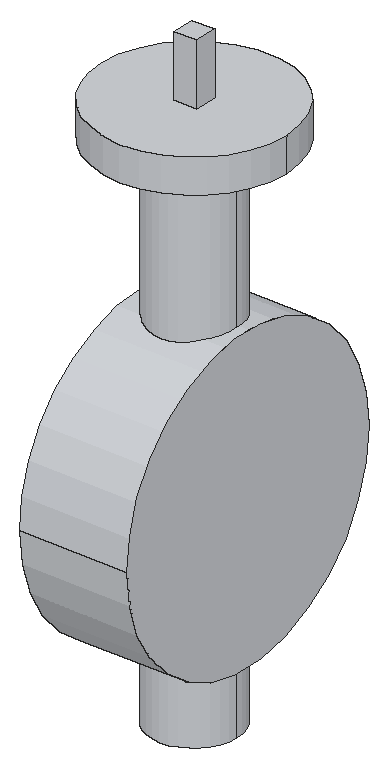
Revit family "HS497-67_disk-litina-volné vřeteno DN100-RFA_2018", category Pipe Accessories, Revit 2018
Family settings
  Round Connector Dimension = Use Diameter
  Part Type = Valve - Breaks Into
  Work Plane-Based = No
  Always vertical = Yes
  Cut with Voids When Loaded = No
  Shared = No
Parameters (values of type "HS 497-67_DN100_PN16_volné vřeteno")
  magiProductId = "65d1b245f4f142c78569c0602d5754"
  magiProductFamilyId = "53cea81e6f374d17b8841d9c72ad77"
  magiPartTypeId = 305
  isMeasuringValve [instance] = no
  ang2D [instance] = 0.00°
  X11 = 61.456 mm
  X1 = 25.456 mm
  W2D = 1000 mm
  VersionID = "2.0/2017.9.26.1/ZETKAMA_497_001"
  Use Minimum Symbol Size [instance] = yes
  URL = "http://www.hydronic.cz"
  Type Comments = "mezipřírubová; litinový disk; PN16; -10~+110°C (krátkodobě +120°C)"
  SW30 = no
  SW3 = no
  SW21 = no
  SW20 = no
  SW2 = no
  SW1 = yes
  R = 50 mm
  QmdConnectorList = "301;D;302;D"
  Productdata [instance] = ""
  NC = 50 mm
  Model = ""
  Manufacturer = "Hydronic Systems Prague s.r.o."
  MM20 = 25.456 mm
  MC Product Code = "123 100 (litinový disk, s volným vřetenem; DN100; PN16, kvs512)"
  M41 = 66 mm
  M4 = 44 mm
  LHL = 220 mm
  LHH3 = 2.45 mm
  LHH1 = 46.55 mm
  LH1 = 73.333 mm
  L4R__ve = -L4R  # -12.8 mm
  L4R = 12.8 mm
  L42__ve = -L42  # -96 mm
  L42 = 96 mm
  L41__ve = -L41  # -19.2 mm
  L41 = 19.2 mm
  L2D_Min = 3048 mm
  L2D = 216 mm
  L2 = 26 mm
  L1 = 41.6 mm
  L = 52 mm
  H = 30 mm
  G22 = 11.25 mm
  G2 = 22.5 mm
  G1 = 90 mm
  G = 90 mm
  F = 11 mm
  E44 = 31.25 mm
  E42 = 62.5 mm
  E4 = 125 mm
  E23 = 4.9 mm
  E22 = 19.6 mm
  E21 = 9.8 mm
  Description = "Mezipřírubová uzavírací klapka s volným vřetenem; litinový disk, DN100; PN16; kvs512"
  DR2 = 50 mm
  DR = 147 mm
  DD1 = 15.625 mm
  DD = 12.5 mm
  D = 100 mm
  CAT0 = yes
  B2__ve = -B2  # -56 mm
  B2 = 56 mm
  A2 = 16.5 mm
  A1 = 98.5 mm
Types (43, lengths in mm): name | magiProductId | X11 | X1 | Type Comments | SW30 | SW3 | SW20 | SW2 | SW1 | R | NC | MM20 | MC Product Code | M41 | M4 | LHL | LHH3 | LHH1 | LH1 | L4R__ve | L4R | L42__ve | L42 | L41__ve | L41 | L2 | L1 | L | H | G | F | E44 | E42 | E4 | E23 | E22 | E21 | Description | DR2 | DR | DD1 | DD | D | B2__ve | B2 | A2 | A1
  HS 497-67_DN100_PN16_volné vřeteno | "65d1b245f4f142c78569c0602d5754" | 61.456 | 25.456 | "mezipřírubová; litinový disk; PN16; -10~+110°C (krátkodobě +120°C)" | no | no | no | no | yes | 50 | 50 | 25.456 | "123 100 (litinový disk, s volným vřetenem; DN100; PN16, kvs512)" | 66 | 44 | 220 | 2.45 | 46.55 | 73.333 | -12.8 | 12.8 | -96 | 96 | -19.2 | 19.2 | 26 | 41.6 | 52 | 30 | 90 | 11 | 31.25 | 62.5 | 125 | 4.9 | 19.6 | 9.8 | "Mezipřírubová uzavírací klapka s volným vřetenem; litinový disk, DN100; PN16; kvs512" | 50 | 147 | 15.625 | 12.5 | 100 | -56 | 56 | 16.5 | 98.5
  HS 497-67_DN100_PN16_převodové kolo | "11e91b807e674d428c8e796fcdcfe2" | 61.456 | 25.456 | "mezipřírubová; litinový disk; PN16; -10~+110°C (krátkodobě +120°C)" | yes | yes | no | no | no | 50 | 50 | 25.456 | "125 100 (litinový disk, s převodovým kolem; DN100; PN16, kvs512)" | 65.25 | 43.5 | 220 | 2.45 | 46.55 | 73.333 | -12.8 | 12.8 | -96 | 96 | -19.2 | 19.2 | 26 | 41.6 | 52 | 30 | 90 | 11 | 31.25 | 62.5 | 125 | 4.9 | 19.6 | 9.8 | "Mezipřírubová uzavírací klapka s převodovým kolem; litinový disk, DN100; PN16; kvs512" | 50 | 147 | 15.625 | 12.5 | 100 | -56 | 56 | 16.5 | 98.5
  HS 497-67_DN100_PN16_s pákou | "28172f0b3f4b47b28323ac71cf8749" | 61.456 | 25.456 | "mezipřírubová; litinový disk; PN16; -10~+110°C (krátkodobě +120°C)" | no | no | yes | yes | no | 50 | 50 | 25.456 | "120 100 (litinový disk, s pákou; DN100; PN16, kvs512)" | 66 | 44 | 260 | 3 | 57 | 86.667 | -12.8 | 12.8 | -96 | 96 | -19.2 | 19.2 | 26 | 41.6 | 52 | 30 | 90 | 11 | 31.25 | 62.5 | 125 | 6 | 24 | 12 | "Mezipřírubová uzavírací klapka s pákou; litinový disk, DN100; PN16; kvs512" | 50 | 147 | 15.625 | 12.5 | 100 | -56 | 56 | 16.5 | 98.5
  HS 497-67_DN125_PN16_volné vřeteno | "0d813d910fc14f628bb3c2efbd185c" | 61.456 | 25.456 | "mezipřírubová; litinový disk; PN16; -10~+110°C (krátkodobě +120°C)" | no | no | no | no | yes | 62.5 | 50 | 25.456 | "123 125 (litinový disk, s volným vřetenem; DN125; PN16, kvs872)" | 66 | 44 | 220 | 2.45 | 46.55 | 73.333 | -12.8 | 12.8 | -96 | 96 | -19.2 | 19.2 | 28 | 44.8 | 56 | 33 | 90 | 14 | 31.25 | 62.5 | 125 | 4.9 | 19.6 | 9.8 | "Mezipřírubová uzavírací klapka s volným vřetenem; litinový disk, DN125; PN16; kvs872" | 62.5 | 180 | 15.625 | 12.5 | 125 | -64 | 64 | 18 | 99.5
  HS 497-67_DN125_PN16_převodové kolo | "c56b7c13f372467684996fb1e0e229" | 61.456 | 25.456 | "mezipřírubová; litinový disk; PN16; -10~+110°C (krátkodobě +120°C)" | yes | yes | no | no | no | 62.5 | 50 | 25.456 | "125 125 (litinový disk, s převodovým kolem; DN125; PN16, kvs872)" | 65.25 | 43.5 | 220 | 2.45 | 46.55 | 73.333 | -13.5 | 13.5 | -101.25 | 101.25 | -20.25 | 20.25 | 28 | 44.8 | 56 | 33 | 90 | 14 | 40 | 80 | 160 | 4.9 | 19.6 | 9.8 | "Mezipřírubová uzavírací klapka s převodovým kolem; litinový disk, DN125; PN16; kvs872" | 62.5 | 180 | 20 | 16 | 125 | -64 | 64 | 18 | 99.5
  HS 497-67_DN125_PN16_s pákou | "105993c79a91492399feef7931321a" | 61.456 | 25.456 | "mezipřírubová; litinový disk; PN16; -10~+110°C (krátkodobě +120°C)" | no | no | yes | yes | no | 62.5 | 50 | 25.456 | "120 125 (litinový disk, s pákou; DN125; PN16, kvs872)" | 66 | 44 | 315 | 3.75 | 71.25 | 105 | -12.8 | 12.8 | -96 | 96 | -19.2 | 19.2 | 28 | 44.8 | 56 | 33 | 90 | 14 | 31.25 | 62.5 | 125 | 7.5 | 30 | 15 | "Mezipřírubová uzavírací klapka s pákou; litinový disk, DN125; PN16; kvs872" | 62.5 | 180 | 15.625 | 12.5 | 125 | -64 | 64 | 18 | 99.5
  HS 497-67_DN150_PN16_volné vřeteno | "50c80cb8ab434f55ab7796e5ac1331" | 61.456 | 25.456 | "mezipřírubová; litinový disk; PN16; -10~+110°C (krátkodobě +120°C)" | no | no | no | no | yes | 75 | 50 | 25.456 | "123 150 (litinový disk, s volným vřetenem; DN150; PN16, kvs1347)" | 66 | 44 | 220 | 2.45 | 46.55 | 73.333 | -12.8 | 12.8 | -96 | 96 | -19.2 | 19.2 | 28 | 44.8 | 56 | 33 | 90 | 14 | 31.25 | 62.5 | 125 | 4.9 | 19.6 | 9.8 | "Mezipřírubová uzavírací klapka s volným vřetenem; litinový disk, DN150; PN16; kvs1347" | 75 | 206 | 15.625 | 12.5 | 150 | -58 | 58 | 19.3 | 98.7
  HS 497-67_DN150_PN16_převodové kolo | "d94a1a0cf83b476eb10011b327f709" | 61.456 | 25.456 | "mezipřírubová; litinový disk; PN16; -10~+110°C (krátkodobě +120°C)" | yes | yes | no | no | no | 75 | 50 | 25.456 | "125 150 (litinový disk, s převodovým kolem; DN150; PN16, kvs1347)" | 65.25 | 43.5 | 220 | 2.45 | 46.55 | 73.333 | -13.5 | 13.5 | -101.25 | 101.25 | -20.25 | 20.25 | 28 | 44.8 | 56 | 33 | 90 | 14 | 40 | 80 | 160 | 4.9 | 19.6 | 9.8 | "Mezipřírubová uzavírací klapka s převodovým kolem; litinový disk, DN150; PN16; kvs1347" | 75 | 206 | 20 | 16 | 150 | -58 | 58 | 19.3 | 98.7
  HS 497-67_DN150_PN16_s pákou | "4d2835523fe84828bc50ff0a5a0dfb" | 61.456 | 25.456 | "mezipřírubová; litinový disk; PN16; -10~+110°C (krátkodobě +120°C)" | no | no | yes | yes | no | 75 | 50 | 25.456 | "120 150 (litinový disk, s pákou; DN150; PN16, kvs1347)" | 66 | 44 | 315 | 3.75 | 71.25 | 105 | -12.8 | 12.8 | -96 | 96 | -19.2 | 19.2 | 28 | 44.8 | 56 | 33 | 90 | 14 | 31.25 | 62.5 | 125 | 7.5 | 30 | 15 | "Mezipřírubová uzavírací klapka s pákou; litinový disk, DN150; PN16; kvs1347" | 75 | 206 | 15.625 | 12.5 | 150 | -58 | 58 | 19.3 | 98.7
  HS 497-67_DN200_PN16_volné vřeteno | "5b29029eaeba47139ee1055a4b9201" | 61.456 | 25.456 | "mezipřírubová; litinový disk; PN16; -10~+110°C (krátkodobě +120°C)" | no | no | no | no | yes | 100 | 50 | 25.456 | "123 200 (litinový disk, s volným vřetenem; DN200; PN16, kvs2675)" | 66 | 44 | 220 | 2.45 | 46.55 | 73.333 | -12.8 | 12.8 | -96 | 96 | -19.2 | 19.2 | 30 | 48 | 60 | 33 | 90 | 17 | 31.25 | 62.5 | 125 | 4.9 | 19.6 | 9.8 | "Mezipřírubová uzavírací klapka s volným vřetenem; litinový disk, DN200; PN16; kvs2675" | 100 | 257 | 15.625 | 12.5 | 200 | -70 | 70 | 22.5 | 102.5
  HS 497-67_DN200_PN16_převodové kolo | "b2793cc1fcc44cf2a35062cd67c04f" | 61.456 | 25.456 | "mezipřírubová; litinový disk; PN16; -10~+110°C (krátkodobě +120°C)" | yes | yes | no | no | no | 100 | 57 | 25.456 | "125 200 (litinový disk, s převodovým kolem; DN200; PN16, kvs2675)" | 78.75 | 52.5 | 220 | 2.45 | 46.55 | 73.333 | -15.2 | 15.2 | -114 | 114 | -22.8 | 22.8 | 30 | 48 | 60 | 33 | 90 | 17 | 50 | 100 | 200 | 4.9 | 19.6 | 9.8 | "Mezipřírubová uzavírací klapka s převodovým kolem; litinový disk, DN200; PN16; kvs2675" | 100 | 257 | 25 | 20 | 200 | -70 | 70 | 22.5 | 102.5
  HS 497-67_DN200_PN16_s pákou | "f88d96c7af224537a51e72d7d8fffe" | 61.456 | 25.456 | "mezipřírubová; litinový disk; PN16; -10~+110°C (krátkodobě +120°C)" | no | no | yes | yes | no | 100 | 50 | 25.456 | "120 200 (litinový disk, s pákou; DN200; PN16, kvs2675)" | 66 | 44 | 315 | 3.75 | 71.25 | 105 | -12.8 | 12.8 | -96 | 96 | -19.2 | 19.2 | 30 | 48 | 60 | 33 | 90 | 17 | 31.25 | 62.5 | 125 | 7.5 | 30 | 15 | "Mezipřírubová uzavírací klapka s pákou; litinový disk, DN200; PN16; kvs2675" | 100 | 257 | 15.625 | 12.5 | 200 | -70 | 70 | 22.5 | 102.5
  HS 497-67_DN250_PN16_volné vřeteno | "b662e8305ca2402b9c510e66e6aa55" | 88.77 | 36.77 | "mezipřírubová; litinový disk; PN16; -10~+110°C (krátkodobě +120°C)" | no | no | no | no | yes | 125 | 50 | 36.77 | "123 250 (litinový disk, s volným vřetenem; DN250; PN16, kvs4555)" | 66 | 44 | 220 | 2.45 | 46.55 | 73.333 | -12.8 | 12.8 | -96 | 96 | -19.2 | 19.2 | 34 | 54.4 | 68 | 23 | 130 | 22 | 31.25 | 62.5 | 125 | 4.9 | 19.6 | 9.8 | "Mezipřírubová uzavírací klapka s volným vřetenem; litinový disk, DN250; PN16; kvs4555" | 125 | 324 | 15.625 | 12.5 | 250 | -85 | 85 | 28.25 | 129.25
  HS 497-67_DN250_PN16_převodové kolo | "5ee9016806664ddfaa2632711f295c" | 88.77 | 36.77 | "mezipřírubová; litinový disk; PN16; -10~+110°C (krátkodobě +120°C)" | yes | yes | no | no | no | 125 | 70 | 36.77 | "125 250 (litinový disk, s převodovým kolem; DN250; PN16, kvs4555)" | 91.5 | 61 | 220 | 2.45 | 46.55 | 73.333 | -22.2 | 22.2 | -166.5 | 166.5 | -33.3 | 33.3 | 34 | 54.4 | 68 | 23 | 130 | 22 | 62.5 | 125 | 250 | 4.9 | 19.6 | 9.8 | "Mezipřírubová uzavírací klapka s převodovým kolem; litinový disk, DN250; PN16; kvs4555" | 125 | 324 | 31.25 | 25 | 250 | -85 | 85 | 28.25 | 129.25
  HS 497-67_DN300_PN16_volné vřeteno | "e1886f51ff004380a649519258edf2" | 88.77 | 36.77 | "mezipřírubová; litinový disk; PN16; -10~+110°C (krátkodobě +120°C)" | no | no | no | no | yes | 150 | 50 | 36.77 | "123 300 (litinový disk, s volným vřetenem; DN300; PN16, kvs7037)" | 66 | 44 | 220 | 2.45 | 46.55 | 73.333 | -12.8 | 12.8 | -96 | 96 | -19.2 | 19.2 | 39 | 62.4 | 78 | 23 | 130 | 22 | 31.25 | 62.5 | 125 | 4.9 | 19.6 | 9.8 | "Mezipřírubová uzavírací klapka s volným vřetenem; litinový disk, DN300; PN16; kvs7037" | 150 | 376 | 15.625 | 12.5 | 300 | -90 | 90 | 30.8 | 127.2
  HS 497-67_DN300_PN16_převodové kolo | "6860f094f77d42088fbebc3c97f755" | 88.77 | 36.77 | "mezipřírubová; litinový disk; PN16; -10~+110°C (krátkodobě +120°C)" | yes | yes | no | no | no | 150 | 70 | 36.77 | "125 300 (litinový disk, s převodovým kolem; DN300; PN16, kvs7037)" | 91.5 | 61 | 220 | 2.45 | 46.55 | 73.333 | -22.2 | 22.2 | -166.5 | 166.5 | -33.3 | 33.3 | 39 | 62.4 | 78 | 23 | 130 | 22 | 62.5 | 125 | 250 | 4.9 | 19.6 | 9.8 | "Mezipřírubová uzavírací klapka s převodovým kolem; litinový disk, DN300; PN16; kvs7037" | 150 | 376 | 31.25 | 25 | 300 | -90 | 90 | 30.8 | 127.2
  HS 497-67_DN032_PN16_volné vřeteno | "8c5f65de52aa4067a77564107e31b2" | 61.456 | 25.456 | "mezipřírubová; litinový disk; PN16; -10~+110°C (krátkodobě +120°C)" | no | no | no | no | yes | 16 | 50 | 25.456 | "123 032 (litinový disk, s volným vřetenem; DN32; PN16, kvs78)" | 66 | 44 | 220 | 2.45 | 46.55 | 73.333 | -12.8 | 12.8 | -96 | 96 | -19.2 | 19.2 | 16.5 | 26.4 | 33 | 30 | 90 | 11 | 31.25 | 62.5 | 125 | 4.9 | 19.6 | 9.8 | "Mezipřírubová uzavírací klapka s volným vřetenem; litinový disk, DN32; PN16; kvs78" | 16 | 68 | 15.625 | 12.5 | 32 | -44.2 | 44.2 | 10.25 | 76.25
  HS 497-67_DN032_PN16_převodové kolo | "60aaeffa8b3a4e809ef000e4660060" | 61.456 | 25.456 | "mezipřírubová; litinový disk; PN16; -10~+110°C (krátkodobě +120°C)" | yes | yes | no | no | no | 16 | 50 | 25.456 | "125 032 (litinový disk, s převodovým kolem; DN32; PN16, kvs78)" | 65.25 | 43.5 | 220 | 2.45 | 46.55 | 73.333 | -12.8 | 12.8 | -96 | 96 | -19.2 | 19.2 | 16.5 | 26.4 | 33 | 30 | 90 | 11 | 31.25 | 62.5 | 125 | 4.9 | 19.6 | 9.8 | "Mezipřírubová uzavírací klapka s převodovým kolem; litinový disk, DN32; PN16; kvs78" | 16 | 68 | 15.625 | 12.5 | 32 | -44.2 | 44.2 | 10.25 | 76.25
  HS 497-67_DN032_PN16_s pákou | "9ad8088d610749a1b871aa2aad8007" | 61.456 | 25.456 | "mezipřírubová; litinový disk; PN16; -10~+110°C (krátkodobě +120°C)" | no | no | yes | yes | no | 16 | 50 | 25.456 | "120 032 (litinový disk, s pákou; DN32; PN16, kvs78)" | 66 | 44 | 220 | 2.45 | 46.55 | 73.333 | -12.8 | 12.8 | -96 | 96 | -19.2 | 19.2 | 16.5 | 26.4 | 33 | 30 | 90 | 11 | 31.25 | 62.5 | 125 | 4.9 | 19.6 | 9.8 | "Mezipřírubová uzavírací klapka s pákou; litinový disk, DN32; PN16; kvs78" | 16 | 68 | 15.625 | 12.5 | 32 | -44.2 | 44.2 | 10.25 | 76.25
  HS 497-67_DN350_PN10_volné vřeteno | "72a1e05f22944421b7e9596a877137" | 109.255 | 45.255 | "mezipřírubová; litinový disk; PN10; -10~+110°C (krátkodobě +120°C)" | no | no | no | no | yes | 175 | 50 | 45.255 | "123 350 (litinový disk, s volným vřetenem; DN350; PN10, kvs10165)" | 66 | 44 | 220 | 2.45 | 46.55 | 73.333 | -12.8 | 12.8 | -96 | 96 | -19.2 | 19.2 | 39 | 62.4 | 78 | 31 | 160 | 22 | 31.25 | 62.5 | 125 | 4.9 | 19.6 | 9.8 | "Mezipřírubová uzavírací klapka s volným vřetenem; litinový disk, DN350; PN10; kvs10165" | 175 | 430 | 15.625 | 12.5 | 350 | -88 | 88 | 33.85 | 129.65
  HS 497-67_DN350_PN10_převodové kolo | "a5a01426cb28494ba3afca92f1dace" | 109.255 | 45.255 | "mezipřírubová; litinový disk; PN10; -10~+110°C (krátkodobě +120°C)" | yes | yes | no | no | no | 175 | 70 | 45.255 | "125 350 (litinový disk, s převodovým kolem; DN350; PN10, kvs10165)" | 91.5 | 61 | 220 | 2.45 | 46.55 | 73.333 | -22.2 | 22.2 | -166.5 | 166.5 | -33.3 | 33.3 | 39 | 62.4 | 78 | 31 | 160 | 22 | 62.5 | 125 | 250 | 4.9 | 19.6 | 9.8 | "Mezipřírubová uzavírací klapka s převodovým kolem; litinový disk, DN350; PN10; kvs10165" | 175 | 430 | 31.25 | 25 | 350 | -88 | 88 | 33.85 | 129.65
  HS 497-67_DN400_PN10_volné vřeteno | "c70ebeb927c04ab99b176e257ad0a7" | 109.255 | 45.255 | "mezipřírubová; litinový disk; PN10; -10~+110°C (krátkodobě +120°C)" | no | no | no | no | yes | 200 | 50 | 45.255 | "123 400 (litinový disk, s volným vřetenem; DN400; PN10, kvs13799)" | 66 | 44 | 220 | 2.45 | 46.55 | 73.333 | -12.8 | 12.8 | -96 | 96 | -19.2 | 19.2 | 51 | 81.6 | 102 | 31 | 160 | 27 | 31.25 | 62.5 | 125 | 4.9 | 19.6 | 9.8 | "Mezipřírubová uzavírací klapka s volným vřetenem; litinový disk, DN400; PN10; kvs13799" | 200 | 485 | 15.625 | 12.5 | 400 | -108 | 108 | 38 | 142
  HS 497-67_DN400_PN10_převodové kolo | "cc64a4384dcb41b780d81810f4f293" | 109.255 | 45.255 | "mezipřírubová; litinový disk; PN10; -10~+110°C (krátkodobě +120°C)" | yes | yes | no | no | no | 200 | 72.5 | 45.255 | "125 400 (litinový disk, s převodovým kolem; DN400; PN10, kvs13799)" | 103.5 | 69 | 220 | 2.45 | 46.55 | 73.333 | -27.8 | 27.8 | -208.5 | 208.5 | -41.7 | 41.7 | 51 | 81.6 | 102 | 31 | 160 | 27 | 75 | 150 | 300 | 4.9 | 19.6 | 9.8 | "Mezipřírubová uzavírací klapka s převodovým kolem; litinový disk, DN400; PN10; kvs13799" | 200 | 485 | 37.5 | 30 | 400 | -108 | 108 | 38 | 142
  HS 497-67_DN040_PN16_volné vřeteno | "35f92312390745e88df5b5c325d9ee" | 61.456 | 25.456 | "mezipřírubová; litinový disk; PN16; -10~+110°C (krátkodobě +120°C)" | no | no | no | no | yes | 20 | 50 | 25.456 | "123 040 (litinový disk, s volným vřetenem; DN40; PN16, kvs78)" | 66 | 44 | 220 | 2.45 | 46.55 | 73.333 | -12.8 | 12.8 | -96 | 96 | -19.2 | 19.2 | 16.5 | 26.4 | 33 | 30 | 90 | 11 | 31.25 | 62.5 | 125 | 4.9 | 19.6 | 9.8 | "Mezipřírubová uzavírací klapka s volným vřetenem; litinový disk, DN40; PN16; kvs78" | 20 | 76 | 15.625 | 12.5 | 40 | -36 | 36 | 11 | 79
  HS 497-67_DN040_PN16_převodové kolo | "d88e968eae3445bc9b7b4e6ff35127" | 61.456 | 25.456 | "mezipřírubová; litinový disk; PN16; -10~+110°C (krátkodobě +120°C)" | yes | yes | no | no | no | 20 | 50 | 25.456 | "125 040 (litinový disk, s převodovým kolem; DN40; PN16, kvs78)" | 65.25 | 43.5 | 220 | 2.45 | 46.55 | 73.333 | -12.8 | 12.8 | -96 | 96 | -19.2 | 19.2 | 16.5 | 26.4 | 33 | 30 | 90 | 11 | 31.25 | 62.5 | 125 | 4.9 | 19.6 | 9.8 | "Mezipřírubová uzavírací klapka s převodovým kolem; litinový disk, DN40; PN16; kvs78" | 20 | 76 | 15.625 | 12.5 | 40 | -36 | 36 | 11 | 79
  HS 497-67_DN040_PN16_s pákou | "c1b522ca65b4407a98818f232eaacb" | 61.456 | 25.456 | "mezipřírubová; litinový disk; PN16; -10~+110°C (krátkodobě +120°C)" | no | no | yes | yes | no | 20 | 50 | 25.456 | "120 040 (litinový disk, s pákou; DN40; PN16, kvs78)" | 66 | 44 | 220 | 2.45 | 46.55 | 73.333 | -12.8 | 12.8 | -96 | 96 | -19.2 | 19.2 | 16.5 | 26.4 | 33 | 30 | 90 | 11 | 31.25 | 62.5 | 125 | 4.9 | 19.6 | 9.8 | "Mezipřírubová uzavírací klapka s pákou; litinový disk, DN40; PN16; kvs78" | 20 | 76 | 15.625 | 12.5 | 40 | -36 | 36 | 11 | 79
  HS 497-67_DN450_PN10_volné vřeteno | "a8358bc282f14872b3194e530e590a" | 129.74 | 53.74 | "mezipřírubová; litinový disk; PN10; -10~+110°C (krátkodobě +120°C)" | no | no | no | no | yes | 225 | 50 | 53.74 | "123 450 (litinový disk, s volným vřetenem; DN450; PN10, kvs18514)" | 66 | 44 | 220 | 2.45 | 46.55 | 73.333 | -12.8 | 12.8 | -96 | 96 | -19.2 | 19.2 | 57 | 91.2 | 114 | 38 | 190 | 36 | 31.25 | 62.5 | 125 | 4.9 | 19.6 | 9.8 | "Mezipřírubová uzavírací klapka s volným vřetenem; litinový disk, DN450; PN10; kvs18514" | 225 | 536 | 15.625 | 12.5 | 450 | -115 | 115 | 38.05 | 117.45
  HS 497-67_DN450_PN10_převodové kolo | "cdf2d80f54a9414f9cbe50647c0ebd" | 129.74 | 53.74 | "mezipřírubová; litinový disk; PN10; -10~+110°C (krátkodobě +120°C)" | yes | yes | no | no | no | 225 | 91.5 | 53.74 | "125 450 (litinový disk, s převodovým kolem; DN450; PN10, kvs18514)" | 144.75 | 96.5 | 220 | 2.45 | 46.55 | 73.333 | -32.1 | 32.1 | -240.75 | 240.75 | -48.15 | 48.15 | 57 | 91.2 | 114 | 38 | 190 | 36 | 100 | 200 | 400 | 4.9 | 19.6 | 9.8 | "Mezipřírubová uzavírací klapka s převodovým kolem; litinový disk, DN450; PN10; kvs18514" | 225 | 536 | 50 | 40 | 450 | -115 | 115 | 38.05 | 117.45
  HS 497-67_DN500_PN10_volné vřeteno | "8c396e27bb2743f98f3c762b6517cd" | 143.397 | 59.397 | "mezipřírubová; litinový disk; PN10; -10~+110°C (krátkodobě +120°C)" | no | no | no | no | yes | 250 | 50 | 59.397 | "123 500 (litinový disk, s volným vřetenem; DN500; PN10, kvs23805)" | 66 | 44 | 220 | 2.45 | 46.55 | 73.333 | -12.8 | 12.8 | -96 | 96 | -19.2 | 19.2 | 63.5 | 101.6 | 127 | 38 | 210 | 36 | 31.25 | 62.5 | 125 | 4.9 | 19.6 | 9.8 | "Mezipřírubová uzavírací klapka s volným vřetenem; litinový disk, DN500; PN10; kvs23805" | 250 | 593 | 15.625 | 12.5 | 500 | -130 | 130 | 43.25 | 139.25
  HS 497-67_DN500_PN10_převodové kolo | "7647804f32e94cef828a7034a91a46" | 143.397 | 59.397 | "mezipřírubová; litinový disk; PN10; -10~+110°C (krátkodobě +120°C)" | yes | yes | no | no | no | 250 | 91.5 | 59.397 | "125 500 (litinový disk, s převodovým kolem; DN500; PN10, kvs23805)" | 144.75 | 96.5 | 220 | 2.45 | 46.55 | 73.333 | -32.1 | 32.1 | -240.75 | 240.75 | -48.15 | 48.15 | 63.5 | 101.6 | 127 | 38 | 210 | 36 | 100 | 200 | 400 | 4.9 | 19.6 | 9.8 | "Mezipřírubová uzavírací klapka s převodovým kolem; litinový disk, DN500; PN10; kvs23805" | 250 | 593 | 50 | 40 | 500 | -130 | 130 | 43.25 | 139.25
  HS 497-67_DN050_volné vřeteno | "d71f296ecd6d4adf8f6e5d9853b4e0" | 61.456 | 25.456 | "mezipřírubová; litinový disk; PN16; -10~+110°C (krátkodobě +120°C)" | no | no | no | no | yes | 25 | 50 | 25.456 | "123 050 (litinový disk, s volným vřetenem; DN50; PN16, kvs98)" | 66 | 44 | 220 | 2.45 | 46.55 | 73.333 | -12.8 | 12.8 | -96 | 96 | -19.2 | 19.2 | 21.5 | 34.4 | 43 | 30 | 90 | 11 | 31.25 | 62.5 | 125 | 4.9 | 19.6 | 9.8 | "Mezipřírubová uzavírací klapka s volným vřetenem; litinový disk, DN50; PN16; kvs98" | 25 | 100 | 15.625 | 12.5 | 50 | -36.5 | 36.5 | 12 | 83
  HS 497-67_DN050_PN16_převodové kolo | "2fb080deeaed49c58418b94c1da5a4" | 61.456 | 25.456 | "mezipřírubová; litinový disk; PN16; -10~+110°C (krátkodobě +120°C)" | yes | yes | no | no | no | 25 | 50 | 25.456 | "125 050 (litinový disk, s převodovým kolem; DN50; PN16, kvs98)" | 65.25 | 43.5 | 220 | 2.45 | 46.55 | 73.333 | -12.8 | 12.8 | -96 | 96 | -19.2 | 19.2 | 21.5 | 34.4 | 43 | 30 | 90 | 11 | 31.25 | 62.5 | 125 | 4.9 | 19.6 | 9.8 | "Mezipřírubová uzavírací klapka s převodovým kolem; litinový disk, DN50; PN16; kvs98" | 25 | 100 | 15.625 | 12.5 | 50 | -36.5 | 36.5 | 12 | 83
  HS 497-67_DN050_PN16_s pákou | "dabc632061f94877a994b9b4e68112" | 61.456 | 25.456 | "mezipřírubová; litinový disk; PN16; -10~+110°C (krátkodobě +120°C)" | no | no | yes | yes | no | 25 | 50 | 25.456 | "120 050 (litinový disk, s pákou; DN50; PN16, kvs98)" | 66 | 44 | 220 | 2.45 | 46.55 | 73.333 | -12.8 | 12.8 | -96 | 96 | -19.2 | 19.2 | 21.5 | 34.4 | 43 | 30 | 90 | 11 | 31.25 | 62.5 | 125 | 4.9 | 19.6 | 9.8 | "Mezipřírubová uzavírací klapka s pákou; litinový disk, DN50; PN16; kvs98" | 25 | 100 | 15.625 | 12.5 | 50 | -36.5 | 36.5 | 12 | 83
  HS 497-67_DN600_PN10_volné vřeteno | "99d5892c14664fce81a7c5903f7711" | 143.397 | 59.397 | "mezipřírubová; litinový disk; PN10; -10~+110°C (krátkodobě +120°C)" | no | no | no | no | yes | 300 | 50 | 59.397 | "123 600 (litinový disk, s volným vřetenem; DN600; PN10, kvs36778)" | 66 | 44 | 220 | 2.45 | 46.55 | 73.333 | -12.8 | 12.8 | -96 | 96 | -19.2 | 19.2 | 77 | 123.2 | 154 | 80 | 210 | 60 | 31.25 | 62.5 | 125 | 4.9 | 19.6 | 9.8 | "Mezipřírubová uzavírací klapka s volným vřetenem; litinový disk, DN600; PN10; kvs36788" | 300 | 690 | 15.625 | 12.5 | 600 | -140 | 140 | 49.4 | 144.6
  HS 497-67_DN600_PN10_převodové kolo | "b1e26faab48a4c499f6bb11e7e3002" | 143.397 | 59.397 | "mezipřírubová; litinový disk; PN10; -10~+110°C (krátkodobě +120°C)" | yes | yes | no | no | no | 300 | 140 | 59.397 | "125 600 (litinový disk, s převodovým kolem; DN600; PN10, kvs36778)" | 206.25 | 137.5 | 220 | 2.45 | 46.55 | 73.333 | -40.8 | 40.8 | -306 | 306 | -61.2 | 61.2 | 77 | 123.2 | 154 | 80 | 210 | 60 | 125 | 250 | 500 | 4.9 | 19.6 | 9.8 | "Mezipřírubová uzavírací klapka s převodovým kolem; litinový disk, DN600; PN10; kvs36788" | 300 | 690 | 62.5 | 50 | 600 | -140 | 140 | 49.4 | 144.6
  HS 497-67_DN065_PN16_volné vřeteno | "5e5e208646e34ec29f889baab5d08e" | 61.456 | 25.456 | "mezipřírubová; litinový disk; PN16; -10~+110°C (krátkodobě +120°C)" | no | no | no | no | yes | 32.5 | 50 | 25.456 | "123 065 (litinový disk, s volným vřetenem; DN65; PN16, kvs167)" | 66 | 44 | 220 | 2.45 | 46.55 | 73.333 | -12.8 | 12.8 | -96 | 96 | -19.2 | 19.2 | 23 | 36.8 | 46 | 30 | 90 | 11 | 31.25 | 62.5 | 125 | 4.9 | 19.6 | 9.8 | "Mezipřírubová uzavírací klapka s volným vřetenem; litinový disk, DN65; PN16; kv167" | 32.5 | 108 | 15.625 | 12.5 | 65 | -36.5 | 36.5 | 13.5 | 89
  HS 497-67_DN065_PN16_převodové kolo | "654d74c8d15540b0bfe523d988ccb3" | 61.456 | 25.456 | "mezipřírubová; litinový disk; PN16; -10~+110°C (krátkodobě +120°C)" | yes | yes | no | no | no | 32.5 | 50 | 25.456 | "125 065 (litinový disk, s převodovým kolem; DN65; PN16, kvs167)" | 65.25 | 43.5 | 220 | 2.45 | 46.55 | 73.333 | -12.8 | 12.8 | -96 | 96 | -19.2 | 19.2 | 23 | 36.8 | 46 | 30 | 90 | 11 | 31.25 | 62.5 | 125 | 4.9 | 19.6 | 9.8 | "Mezipřírubová uzavírací klapka s převodovým kolem; litinový disk, DN65; PN16; kvs167" | 32.5 | 108 | 15.625 | 12.5 | 65 | -36.5 | 36.5 | 13.5 | 89
  HS 497-67_DN065_PN16_s pákou | "ebeb4b59db0641caaf6d6635ab37b9" | 61.456 | 25.456 | "mezipřírubová; litinový disk; PN16; -10~+110°C (krátkodobě +120°C)" | no | no | yes | yes | no | 32.5 | 50 | 25.456 | "120 065 (litinový disk, s pákou; DN65; PN16, kvs167)" | 66 | 44 | 220 | 2.45 | 46.55 | 73.333 | -12.8 | 12.8 | -96 | 96 | -19.2 | 19.2 | 23 | 36.8 | 46 | 30 | 90 | 11 | 31.25 | 62.5 | 125 | 4.9 | 19.6 | 9.8 | "Mezipřírubová uzavírací klapka s pákou; litinový disk, DN65; PN16; kvs167" | 32.5 | 108 | 15.625 | 12.5 | 65 | -36.5 | 36.5 | 13.5 | 89
  HS 497-67_DN080_PN16_volné vřeteno | "9e85c75c18654e1185a9c48ed6b00e" | 61.456 | 25.456 | "mezipřírubová; litinový disk; PN16; -10~+110°C (krátkodobě +120°C)" | no | no | no | no | yes | 40 | 50 | 25.456 | "123 080 (litinový disk, s volným vřetenem; DN80; PN16, kvs258)" | 66 | 44 | 220 | 2.45 | 46.55 | 73.333 | -12.8 | 12.8 | -96 | 96 | -19.2 | 19.2 | 23 | 36.8 | 46 | 30 | 90 | 11 | 31.25 | 62.5 | 125 | 4.9 | 19.6 | 9.8 | "Mezipřírubová uzavírací klapka s volným vřetenem; litinový disk, DN80; PN16; kvs258" | 40 | 124 | 15.625 | 12.5 | 80 | -54 | 54 | 14.1 | 86.9
  HS 497-67_DN080_PN16_převodové kolo | "5b3c8238c3d041e68c75b199e7ea46" | 61.456 | 25.456 | "mezipřírubová; litinový disk; PN16; -10~+110°C (krátkodobě +120°C)" | yes | yes | no | no | no | 40 | 50 | 25.456 | "125 080 (litinový disk, s převodovým kolem; DN80; PN16, kvs258)" | 65.25 | 43.5 | 220 | 2.45 | 46.55 | 73.333 | -12.8 | 12.8 | -96 | 96 | -19.2 | 19.2 | 23 | 36.8 | 46 | 30 | 90 | 11 | 31.25 | 62.5 | 125 | 4.9 | 19.6 | 9.8 | "Mezipřírubová uzavírací klapka s převodovým kolem; litinový disk, DN80; PN16; kvs258" | 40 | 124 | 15.625 | 12.5 | 80 | -54 | 54 | 14.1 | 86.9
  HS 497-67_DN080_PN16_s pákou | "e414795fab0f4eccb99bc3572c5477" | 61.456 | 25.456 | "mezipřírubová; litinový disk; PN16; -10~+110°C (krátkodobě +120°C)" | no | no | yes | yes | no | 40 | 50 | 25.456 | "120 080 (litinový disk, s pákou; DN80; PN16, kvs258)" | 66 | 44 | 260 | 3 | 57 | 86.667 | -12.8 | 12.8 | -96 | 96 | -19.2 | 19.2 | 23 | 36.8 | 46 | 30 | 90 | 11 | 31.25 | 62.5 | 125 | 6 | 24 | 12 | "Mezipřírubová uzavírací klapka s pákou; litinový disk, DN80; PN16; kvs258" | 40 | 124 | 15.625 | 12.5 | 80 | -54 | 54 | 14.1 | 86.9
  HS 497-67_DN250_PN16_s pákou | "" | 88.77 | 36.77 | "mezipřírubová; litinový disk; PN16; -10~+110°C (krátkodobě +120°C)" | no | no | yes | yes | no | 125 | 70 | 36.77 | "120 250 (litinový disk, s pákou; DN250; PN16, kvs4555)" | 91.5 | 61 | 220 | 2.45 | 46.55 | 73.333 | -22.2 | 22.2 | -166.5 | 166.5 | -33.3 | 33.3 | 34 | 54.4 | 68 | 23 | 130 | 22 | 62.5 | 125 | 250 | 4.9 | 19.6 | 9.8 | "Mezipřírubová uzavírací klapka s pákou; litinový disk, DN250; PN16; kvs4555" | 125 | 324 | 31.25 | 25 | 250 | -85 | 85 | 28.25 | 129.25
  HS 497-67_DN300_PN16_s pákou | "" | 88.77 | 36.77 | "mezipřírubová; litinový disk; PN16; -10~+110°C (krátkodobě +120°C)" | no | no | yes | yes | no | 150 | 70 | 36.77 | "120 300 (litinový disk, s pákou; DN300; PN16, kvs7037)" | 91.5 | 61 | 220 | 2.45 | 46.55 | 73.333 | -22.2 | 22.2 | -166.5 | 166.5 | -33.3 | 33.3 | 39 | 62.4 | 78 | 23 | 130 | 22 | 62.5 | 125 | 250 | 4.9 | 19.6 | 9.8 | "Mezipřírubová uzavírací klapka s pákou; litinový disk, DN300; PN16; kvs7037" | 150 | 376 | 31.25 | 25 | 300 | -90 | 90 | 30.8 | 127.2
Reference planes
  plane 1 "Center (Front/Back)": y = 0
  plane 2 "XYPLANE": z = 0
  plane 3 "Center (Left/Right)": x = 0
  plane 4 "473": x = -25.456
  plane 5 "472": x = -66
  plane 6 "471": y = -25.456
  plane 7 "470": y = 25.456
  plane 8 "469": x = -44
  plane 9 "468": y = -115.2
  plane 10 "467": y = -96
  plane 11 "466": z = 196.25
  plane 12 "465": z = 211.55
  plane 13 "464": y = 145.417
  plane 14 "463": z = 201.75
  plane 15 "462": z = 184.6
  plane 16 "461": z = 194.4
  plane 17 "460": y = 72.083
  plane 18 "459": x = -11.25
  plane 19 "458": x = 11.25
  plane 20 "457": y = -6.25
  plane 21 "456": x = -17.5
  plane 22 "455": x = 17.5
  plane 23 "454": z = 199.3
  plane 24 "453": y = 62.083
  plane 25 "452": y = -11.25
  plane 26 "451": x = -22.5
  plane 27 "450": x = 22.5
  plane 28 "449": z = 179.7
  plane 29 "448": z = 174.8
  plane 30 "447": z = -50
  plane 31 "446": z = 165
  plane 32 "445": z = 148.5
  plane 33 "444": z = 50
  plane 34 "443": x = 26
  plane 35 "442": x = -26
  plane 36 "441": z = 0
  plane 37 "440": y = 0
  plane 38 "439": x = 0
  plane 39 "438": z = 214
  plane 40 "437": z = 199.3
  plane 41 "436": x = 13.7
  plane 42 "435": x = -13.7
  plane 43 "434": y = 220
Forms (mm)
  Extrusion 1, solid, visible <- "SW3"
    sketch origin (-750, 0, 165) x (1, 0, 0) y (0, 1, 0)
      loop
        line (684, 25.456) -> (684, -25.456) -> (724.544, -25.456)
        arc (724.544, -25.456) -> (786, 0) -> (724.544, 25.456) r 36
        line (724.544, 25.456) -> (684, 25.456)
    from 0 to 62.5 <- "E42"
  Extrusion 2, solid, visible <- "SW30"
    sketch origin (0, -750, 0) x (0, 1, 0) y (0, 0, 1)
      loop
        circle (750, 196.25) r 7.813
    from 0 to 50 <- "NC"
  Extrusion 3, solid, visible <- "SW30"
    sketch origin (750, -115.2, 0) x (-1, 0, 0) y (0, 0, 1)
      loop
        circle (794, 196.25) r 62.5
    from 0 to -12.8 <- "L4R__ve"
  Extrusion 4, solid, visible <- "SW3"
    sketch origin (750, -96, 0) x (-1, 0, 0) y (0, 0, 1)
      loop
        circle (794, 196.25) r 7.813
    from 0 to -19.2 <- "L41__ve"
  Extrusion 5, solid, visible <- "SW30"
    sketch origin (750, 0, 0) x (-1, 0, 0) y (0, 0, 1)
      loop
        circle (794, 196.25) r 6.25
    from 0 to -96 <- "L42__ve"
  Blend 6, solid, visible <- "SW21"
    base sketch origin (750, 72.083, 0) x (-1, 0, 0) y (0, 0, 1)
      loop
        line (761.25, 194.4) -> (738.75, 194.4) -> (738.75, 184.6) -> (761.25, 184.6) -> (761.25, 194.4)
    top sketch origin (750, 72.083, 0) x (-1, 0, 0) y (0, 0, 1)
      loop
        line (761.25, 211.55) -> (738.75, 211.55) -> (738.75, 201.75) -> (761.25, 201.75) -> (761.25, 211.55)
    from 0 to 73.333
  Blend 7, solid, visible <- "SW21"
    base sketch origin (750, 62.083, 0) x (-1, 0, 0) y (0, 0, 1)
      loop
        line (761.25, 199.3) -> (738.75, 199.3) -> (738.75, 179.7) -> (761.25, 179.7) -> (761.25, 199.3)
    top sketch origin (750, 62.083, 0) x (-1, 0, 0) y (0, 0, 1)
      loop
        line (761.25, 194.4) -> (738.75, 194.4) -> (738.75, 184.6) -> (761.25, 184.6) -> (761.25, 194.4)
    from 0 to 10
  Blend 8, solid, visible <- "SW21"
    base sketch origin (-750, 0, 179.7) x (1, 0, 0) y (0, 1, 0)
      loop
        line (772.5, 62.083) -> (727.5, 62.083) -> (727.5, -11.25)
        arc (727.5, -11.25) -> (750, -31.25) -> (772.5, -11.25) r 22.656
        line (772.5, -11.25) -> (772.5, 62.083)
    top sketch origin (-750, 0, 179.7) x (1, 0, 0) y (0, 1, 0)
      loop
        line (767.5, 62.083) -> (732.5, 62.083) -> (732.5, -6.25)
        arc (732.5, -6.25) -> (750, -26.25) -> (767.5, -6.25) r 17.656
        line (767.5, -6.25) -> (767.5, 62.083)
    from 0 to 19.6
  Extrusion 9, solid, visible <- "SW2"
    sketch origin (-750, 0, 174.8) x (1, 0, 0) y (0, 1, 0)
      loop
        circle (750, 0) r 11.25
    from 0 to 4.9 <- "E23"
  Extrusion 10, solid, visible <- "SW2"
    sketch origin (-750, 0, 165) x (1, 0, 0) y (0, 1, 0)
      loop
        circle (750, 0) r 45
    from 0 to 9.8 <- "E21"
  Extrusion 11, solid, visible <- "CAT0"
    sketch origin (-750, 0, -50) x (1, 0, 0) y (0, 1, 0)
      loop
        circle (750, 0) r 20.8
    from 0 to -56 <- "B2__ve"
  Extrusion 12, solid, visible <- "CAT0"
    sketch origin (-750, 0, 148.5) x (1, 0, 0) y (0, 1, 0)
      loop
        circle (750, 0) r 45
    from 0 to 16.5 <- "A2"
  Extrusion 13, solid, visible <- "CAT0"
    sketch origin (-750, 0, 50) x (1, 0, 0) y (0, 1, 0)
      loop
        circle (750, 0) r 20.8
    from 0 to 98.5 <- "A1"
  Extrusion 14, solid, visible <- "CAT0"
    sketch origin (-26, -750, 0) x (0, 1, 0) y (0, 0, 1)
      loop
        circle (750, 0) r 73.5
    from 0 to 52 <- "L"
  Extrusion 15, solid, visible <- "SW1"
    sketch origin (-750, 0, 165) x (1, 0, 0) y (0, 1, 0)
      loop
        line (755.5, 5.5) -> (744.5, 5.5) -> (744.5, -5.5) -> (755.5, -5.5) -> (755.5, 5.5)
    from 0 to 30 <- "H"
  Blend 16, solid, visible <- "SW2"
    base sketch origin (750, 145.417, 0) x (-1, 0, 0) y (0, 0, 1)
      loop
        arc (763.7, 209) -> (762.236, 212.536) -> (758.7, 214) r 5
        line (758.7, 214) -> (741.3, 214)
        arc (741.3, 214) -> (737.764, 212.536) -> (736.3, 209) r 5
        line (736.3, 209) -> (736.3, 204.3)
        arc (736.3, 204.3) -> (737.764, 200.764) -> (741.3, 199.3) r 5
        line (741.3, 199.3) -> (758.7, 199.3)
        arc (758.7, 199.3) -> (762.236, 200.764) -> (763.7, 204.3) r 5
        line (763.7, 204.3) -> (763.7, 209)
    top sketch origin (750, 145.417, 0) x (-1, 0, 0) y (0, 0, 1)
      loop
        arc (763.7, 209) -> (762.236, 212.536) -> (758.7, 214) r 5
        line (758.7, 214) -> (741.3, 214)
        arc (741.3, 214) -> (737.764, 212.536) -> (736.3, 209) r 5
        line (736.3, 209) -> (736.3, 204.3)
        arc (736.3, 204.3) -> (737.764, 200.764) -> (741.3, 199.3) r 5
        line (741.3, 199.3) -> (758.7, 199.3)
        arc (758.7, 199.3) -> (762.236, 200.764) -> (763.7, 204.3) r 5
        line (763.7, 204.3) -> (763.7, 209)
    from 0 to 74.583
  Blend 17, solid, visible <- "SW20"
    base sketch origin (750, 145.417, 0) x (-1, 0, 0) y (0, 0, 1)
      loop
        line (763.7, 214) -> (736.3, 214) -> (736.3, 199.3) -> (763.7, 199.3) -> (763.7, 214)
    top sketch origin (750, 145.417, 0) x (-1, 0, 0) y (0, 0, 1)
      loop
        line (761.25, 199.3) -> (738.75, 199.3) -> (738.75, 179.7) -> (761.25, 179.7) -> (761.25, 199.3)
    from 0 to -83.333
  Extrusion 18, solid, visible <- "SW20"
    sketch origin (-750, 0, 179.7) x (1, 0, 0) y (0, 1, 0)
      loop
        line (772.5, 62.083) -> (727.5, 62.083) -> (727.5, -11.25)
        arc (727.5, -11.25) -> (750, -31.25) -> (772.5, -11.25) r 22.656
        line (772.5, -11.25) -> (772.5, 62.083)
    from 0 to 19.6 <- "E22"
  Extrusion 19, solid, not visible
    sketch origin (-26, -750, 0) x (0, 1, 0) y (0, 0, 1)
      loop
        circle (750, 0) r 10
    from 0 to 10
  Extrusion 20, solid, not visible
    sketch origin (26, -750, 0) x (0, 1, 0) y (0, 0, 1)
      loop
        circle (750, 0) r 10
    from 0 to -10
Lines and regions (mm)
  reference lines, not visible
    curve 1: circle (2, 2, 0) r 1 normal (0, 0, 1)
  reference lines
    curve 2: line (-25.456, -25.456, 165) -> (-25.456, 25.456, 165)
    curve 3: line (-17.5, -6.25, 179.7) -> (17.5, -6.25, 179.7)
    curve 4: line (-22.5, -11.25, 179.7) -> (22.5, -11.25, 179.7)
    curve 5: circle (0, 0, 165) r 1 normal (0, 0, 1)
    curve 6: line (-22.5, -11.25, 179.7) -> (22.5, -11.25, 179.7)
Dimensions and locks
  plane 1 "Center (Front/Back)" to curve 1 = 2 mm
  "X1": plane 3 "Center (Left/Right)" to plane 4 "473"
  "M41": plane 3 "Center (Left/Right)" to plane 5 "472"
  "MM20": plane 1 "Center (Front/Back)" to plane 6 "471"
  "MM20": plane 1 "Center (Front/Back)" to plane 7 "470"
  "M4": plane 3 "Center (Left/Right)" to plane 8 "469"
  "L41": plane 10 "467" to plane 9 "468"
  "L42": plane 1 "Center (Front/Back)" to plane 10 "467"
  "E44": plane 31 "446" to plane 11 "466"
  "LHH1": plane 31 "446" to plane 12 "465"
  "LH1": plane 17 "460" to plane 13 "464"
  "E21": plane 12 "465" to plane 14 "463"
  "E21": plane 16 "461" to plane 15 "462"
  "E23": plane 23 "454" to plane 16 "461"
  locked: plane 24 "453" to plane 17 "460" at 10
  "G22": plane 3 "Center (Left/Right)" to plane 18 "459"
  "G22": plane 3 "Center (Left/Right)" to plane 19 "458"
  locked: plane 25 "452" to plane 20 "457" at 5
  locked: plane 26 "451" to plane 21 "456" at 5
  locked: plane 27 "450" to plane 22 "455" at 5
  "E22": plane 28 "449" to plane 23 "454"
  "LH1": plane 25 "452" to plane 24 "453"
  "G22": plane 1 "Center (Front/Back)" to plane 25 "452"
  "G2": plane 3 "Center (Left/Right)" to plane 26 "451"
  "G2": plane 3 "Center (Left/Right)" to plane 27 "450"
  "E23": plane 29 "448" to plane 28 "449"
  "E21": plane 31 "446" to plane 29 "448"
  "R": plane 2 "XYPLANE" to plane 30 "447"
  "A2": plane 32 "445" to plane 31 "446"
  "A1": plane 33 "444" to plane 32 "445"
  "DR2": plane 2 "XYPLANE" to plane 33 "444"
  "L2": plane 3 "Center (Left/Right)" to plane 34 "443"
  "L2": plane 3 "Center (Left/Right)" to plane 35 "442"
  locked: plane 2 "XYPLANE" to plane 36 "441"
  locked: plane 1 "Center (Front/Back)" to plane 37 "440"
  locked: plane 3 "Center (Left/Right)" to plane 38 "439"
  "LHH3": plane 12 "465" to plane 39 "438"
  "LHH3": plane 14 "463" to plane 40 "437"
  "LHH3": plane 19 "458" to plane 41 "436"
  "LHH3": plane 18 "459" to plane 42 "435"
  "LHL": plane 1 "Center (Front/Back)" to plane 43 "434"
  "X11": curve 2 to Extrusion 1 sketch curve
  Extrusion 1 sketch curve to Extrusion 1 sketch curve = 0 mm  (x8)
  Blend 6 sketch curve to Blend 6 sketch curve = 0 mm  (x16)
  Blend 7 sketch curve to Blend 7 sketch curve = 0 mm  (x16)
  Blend 8 sketch curve to Blend 8 sketch curve = 0 mm  (x16)
  equal spacing: Extrusion 15 sketch curve, curve 5, Extrusion 15 sketch curve  (x2)
  "F": Extrusion 15 sketch curve to Extrusion 15 sketch curve  (x2)
  Blend 16 sketch curve to Blend 16 sketch curve = 0 mm  (x32)
  Blend 17 sketch curve to Blend 17 sketch curve = 0 mm  (x16)
  Extrusion 18 sketch curve to Extrusion 18 sketch curve = 0 mm  (x8)
  "DD1": diameter of Extrusion 2 sketch curve
  "E4": diameter of Extrusion 3 sketch curve
  "DD1": diameter of Extrusion 4 sketch curve
  "DD": diameter of Extrusion 5 sketch curve
  "G2": diameter of Extrusion 9 sketch curve
  "G1": diameter of Extrusion 10 sketch curve
  "L1": diameter of Extrusion 11 sketch curve
  "G": diameter of Extrusion 12 sketch curve
  "L1": diameter of Extrusion 13 sketch curve
  "DR": diameter of Extrusion 14 sketch curve
  radius of Blend 16 sketch curve = 5 mm  (x8)
  aligned and locked: level to plane 2 "XYPLANE"
  aligned and locked: Extrusion 1 sketch curve to plane 5 "472"
  aligned and locked: plane 7 "470" to Extrusion 1 sketch curve
  aligned and locked: plane 6 "471" to Extrusion 1 sketch curve
  aligned and locked: plane 5 "472" to Extrusion 1 sketch curve
  aligned and locked: plane 4 "473" to Extrusion 1 sketch curve  (x2)
  aligned and locked: plane 4 "473" to curve 2
  aligned and locked: plane 6 "471" to curve 2
  aligned and locked: plane 7 "470" to curve 2
  aligned and locked: Extrusion 1 sketch curve to plane 7 "470"
  aligned and locked: plane 11 "466" to Extrusion 2 sketch curve
  aligned and locked: plane 37 "440" to Extrusion 2 sketch curve
  aligned and locked: plane 8 "469" to Extrusion 3 sketch curve
  aligned and locked: plane 11 "466" to Extrusion 3 sketch curve
  aligned and locked: plane 8 "469" to Extrusion 4 sketch curve
  aligned and locked: plane 11 "466" to Extrusion 4 sketch curve
  aligned and locked: plane 8 "469" to Extrusion 5 sketch curve
  aligned and locked: plane 11 "466" to Extrusion 5 sketch curve
  aligned and locked: plane 12 "465" to Blend 6 sketch curve  (x2)
  aligned and locked: plane 18 "459" to Blend 6 sketch curve  (x4)
  aligned and locked: plane 19 "458" to Blend 6 sketch curve  (x4)
  aligned and locked: plane 14 "463" to Blend 6 sketch curve  (x2)
  aligned and locked: plane 16 "461" to Blend 6 sketch curve  (x2)
  aligned and locked: plane 15 "462" to Blend 6 sketch curve  (x2)
  aligned and locked: plane 13 "464" to Blend 6
  aligned and locked: plane 16 "461" to Blend 7 sketch curve  (x2)
  aligned and locked: plane 18 "459" to Blend 7 sketch curve  (x4)
  aligned and locked: plane 19 "458" to Blend 7 sketch curve  (x4)
  aligned and locked: plane 15 "462" to Blend 7 sketch curve  (x2)
  aligned and locked: plane 23 "454" to Blend 7 sketch curve  (x2)
  aligned and locked: plane 28 "449" to Blend 7 sketch curve  (x2)
  aligned and locked: plane 17 "460" to Blend 7
  aligned and locked: plane 24 "453" to Blend 8 sketch curve  (x4)
  aligned and locked: plane 22 "455" to Blend 8 sketch curve  (x2)
  aligned and locked: plane 21 "456" to Blend 8 sketch curve
  aligned and locked: plane 20 "457" to Blend 8 sketch curve  (x2)
  aligned and locked: curve 3 to plane 20 "457"
  aligned and locked: plane 21 "456" to curve 3
  aligned and locked: plane 22 "455" to curve 3
  aligned and locked: plane 27 "450" to Blend 8 sketch curve  (x2)
  aligned and locked: plane 26 "451" to Blend 8 sketch curve
  aligned and locked: plane 25 "452" to Blend 8 sketch curve  (x2)
  aligned and locked: curve 4 to plane 25 "452"
  aligned and locked: plane 26 "451" to curve 4
  aligned and locked: plane 27 "450" to curve 4
  aligned and locked: plane 23 "454" to Blend 8
  aligned and locked: plane 37 "440" to Extrusion 9 sketch curve
  aligned and locked: plane 38 "439" to Extrusion 9 sketch curve
  aligned and locked: plane 37 "440" to Extrusion 10 sketch curve
  aligned and locked: plane 38 "439" to Extrusion 10 sketch curve
  aligned and locked: plane 37 "440" to Extrusion 11 sketch curve
  aligned and locked: plane 38 "439" to Extrusion 11 sketch curve
  aligned and locked: plane 37 "440" to Extrusion 12 sketch curve
  aligned and locked: plane 38 "439" to Extrusion 12 sketch curve
  aligned and locked: plane 37 "440" to Extrusion 13 sketch curve
  aligned and locked: plane 38 "439" to Extrusion 13 sketch curve
  aligned and locked: plane 36 "441" to Extrusion 14 sketch curve
  aligned and locked: Extrusion 14 sketch curve to plane 37 "440"
  aligned and locked: plane 37 "440" to curve 5
  aligned and locked: plane 38 "439" to curve 5
  aligned and locked: plane 39 "438" to Blend 16 sketch curve  (x2)
  aligned and locked: plane 41 "436" to Blend 16 sketch curve  (x2)
  aligned and locked: Blend 16 sketch curve to plane 40 "437"  (x2)
  aligned and locked: Blend 16 sketch curve to plane 42 "435"  (x2)
  aligned and locked: plane 43 "434" to Blend 16
  aligned and locked: plane 23 "454" to Blend 17 sketch curve  (x2)
  aligned and locked: plane 18 "459" to Blend 17 sketch curve  (x2)
  aligned and locked: plane 19 "458" to Blend 17 sketch curve  (x2)
  aligned and locked: plane 28 "449" to Blend 17 sketch curve  (x2)
  aligned and locked: plane 39 "438" to Blend 17 sketch curve  (x2)
  aligned and locked: plane 42 "435" to Blend 17 sketch curve  (x2)
  aligned and locked: plane 41 "436" to Blend 17 sketch curve  (x2)
  aligned and locked: plane 40 "437" to Blend 17 sketch curve  (x2)
  aligned and locked: Blend 17 to plane 24 "453"
  aligned and locked: plane 24 "453" to Extrusion 18 sketch curve  (x2)
  aligned and locked: plane 27 "450" to Extrusion 18 sketch curve  (x2)
  aligned and locked: plane 26 "451" to Extrusion 18 sketch curve
  aligned and locked: plane 25 "452" to Extrusion 18 sketch curve  (x2)
  aligned and locked: curve 6 to plane 25 "452"
  aligned and locked: plane 26 "451" to curve 6
  aligned and locked: plane 27 "450" to curve 6
  aligned and locked: plane 36 "441" to Extrusion 19 sketch curve
  aligned and locked: Extrusion 19 sketch curve to plane 37 "440"
  aligned and locked: plane 36 "441" to Extrusion 20 sketch curve
  aligned and locked: Extrusion 20 sketch curve to plane 37 "440"
Automatic sketch dimensions
  Blend 8 sketch curve to plane 20 "457" = 2.344 mm  (x2)
  Extrusion 18 sketch curve to plane 20 "457" = 2.344 mm
  plane 25 "452" to Extrusion 19 sketch curve = 1.25 mm
  plane 25 "452" to Extrusion 20 sketch curve = 1.25 mm
  plane 3 "Center (Left/Right)" to curve 1 = 2 mm
  Extrusion 15 sketch curve to plane 3 "Center (Left/Right)" = 5.5 mm
  plane 20 "457" to Extrusion 15 sketch curve = 0.75 mm
  radius of curve 5 = 1 mm
  radius of curve 1 = 1 mm
Connectors
  piping at (-26, 0, 0), diameter 100, driven by "D"
    settings: on Extrusion 19, index 1, connector inside diameter 609.6 mm, connector length 0 mm, flow factor 0, pipe flow 0.0 L/s, pressure drop 0.0 Pa, fitting loss kfactor 0, connector angle 0.00°, fixture units 0, engagement length 0 mm, angle of deflection 0.00°, flow configuration 0, flow direction 0, fitting loss method 0, system type 29, joint type 0, gender type 0, connector reference index 2, connector utility 0, adjustable connector no, is connector primary yes, connector description ""
  piping at (26, 0, 0), diameter 100, driven by "D"
    settings: on Extrusion 20, index 2, connector inside diameter 609.6 mm, connector length 0 mm, flow factor 0, pipe flow 0.0 L/s, pressure drop 0.0 Pa, fitting loss kfactor 0, connector angle 0.00°, fixture units 0, engagement length 0 mm, angle of deflection 0.00°, flow configuration 0, flow direction 0, fitting loss method 0, system type 29, joint type 0, gender type 0, connector reference index 1, connector utility 0, adjustable connector no, is connector primary no, connector description ""
